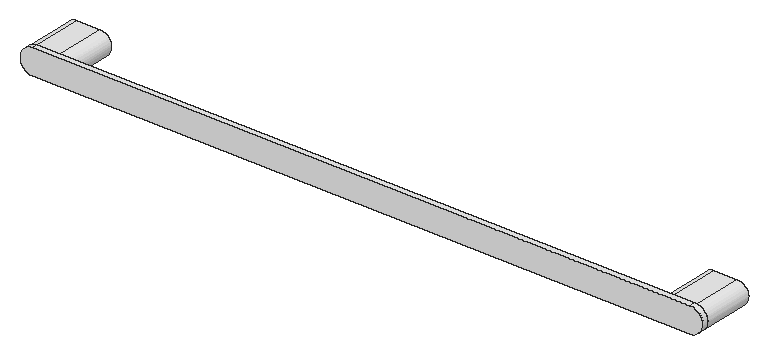
Revit family "rba-bim-rba1631-104", category Plumbing Fixtures, Revit 2016
Family settings
  Part Type = Normal
  Round Connector Dimension = Use Diameter
  Work Plane-Based = No
  Always vertical = Yes
  Cut with Voids When Loaded = No
  Shared = Yes
  Room Calculation Point = No
Parameters (values of type "RBA1631-104")
  Watermarked By = "www.rba.com.au"
  Waste Connection = yes
  Vent Connection = yes
  URL = ""
  Phone Number = "1300 788 778"
  Modified Issue = "20190220.01"
  Model = "RBA1631-104"
  Materials and Finishes = Heavy Duty Brass in a Bright Chrome Finish
  Manufacturer Model = ""
  Manufacturer = "RBA Group"  # constant formula
  HW Connection = yes
  Description = "ōken Towel Rail #1"
  Copyright by = "RBA Group"  # constant formula
  CW Connection = yes
Reference planes
  plane 1 "Center (Front/Back)": y = 0
  plane 2: z = 0
  plane 3 "Center (Left/Right)": x = 0
  plane 4: x = 300
  plane 5: x = -300
Forms (mm)
  Extrusion 1, solid, material "Heavy Duty Brass in a Bright Chrome Finish" <- "Materials and Finishes"
    sketch origin (0, 0, 0) x (1, 0, 0) y (0, 0, 1)
      loop
        line (289, 22) -> (-289, 22)
        arc (-289, 22) -> (-300, 11) -> (-289, 0) r 11
        line (-289, 0) -> (289, 0)
        arc (289, 0) -> (300, 11) -> (289, 22) r 11
    from 45 to 50
  Extrusion 2, solid, material "Heavy Duty Brass in a Bright Chrome Finish" <- "Materials and Finishes"
    sketch origin (0, 0, 0) x (1, 0, 0) y (0, 0, 1)
      loop
        arc (-290, 21) -> (-300, 11) -> (-290, 1) r 10
        line (-290, 1) -> (-270, 1)
        arc (-270, 1) -> (-260, 11) -> (-270, 21) r 10
        line (-270, 21) -> (-290, 21)
    from 0 to 45
  Extrusion 3, solid, material "Heavy Duty Brass in a Bright Chrome Finish" <- "Materials and Finishes"
    sketch origin (0, 0, 0) x (-1, 0, 0) y (0, 0, -1)
      loop
        line (-290, -21) -> (-270, -21)
        arc (-270, -21) -> (-260, -11) -> (-270, -1) r 10
        line (-270, -1) -> (-290, -1)
        arc (-290, -1) -> (-300, -11) -> (-290, -21) r 10
    from 0 to 45
Dimensions and locks
  aligned and locked: plane 2 to level
